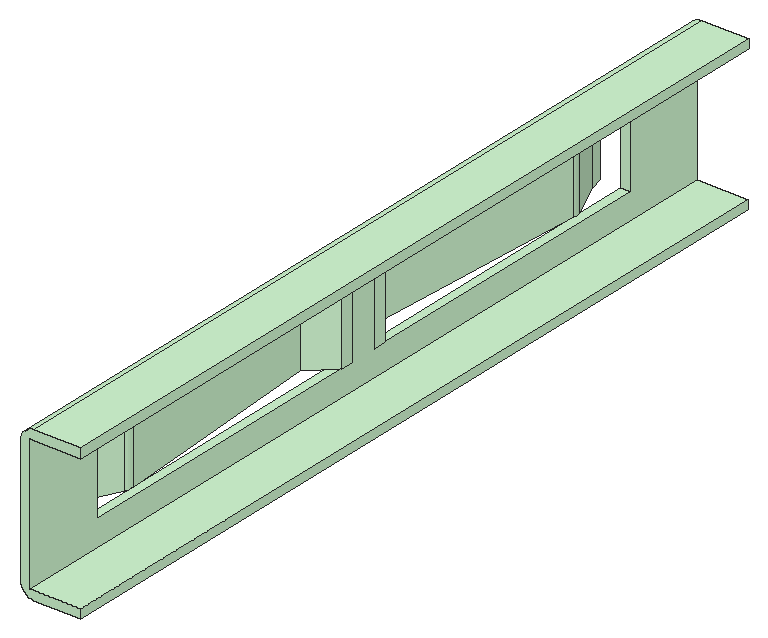
Revit family "channeljoint_c19", category 機械設備, Revit 2022
Family settings
  丸型コネクタ寸法 = 直径を使用
  種別 = なし
  パーツ タイプ = 標準
  作業面ベース = いいえ
  常に垂直 = はい
  ロード時にボイドで切り取り = いいえ
  注釈の向きを維持 = いいえ
  共有 = いいえ
  部屋計算ポイント = いいえ
Parameters
  製造元 = "株式会社桐井製作所"
  既定の高さ = 0 mm
  URL = "https://www.kirii.co.jp/"
  K_品名 = "特殊チャンネルジョイントC-19用"
  K_名称 = "特殊ジョイント"
  K_入数 = "500"
  K_バージョン情報 = "20211012"
Reference planes
  plane 1 "中心(正面/背面)": y = 0
  plane 2: z = 0
  plane 3 "中心(左/右)": x = 0
Forms (mm)
  Extrusion 1, solid
    sketch origin (2.7, 0, 0) x (1, 0, 0) y (0, 0, 1)
      loop
        line (-8.2, -7.25) -> (-8.2, 7.25) -> (-2.7, 7.25) -> (-2.7, 8.25) -> (-7.7, 8.25)
        arc (-7.7, 8.25) -> (-8.761, 7.811) -> (-9.2, 6.75) r 1.5
        line (-9.2, 6.75) -> (-9.2, -6.75)
        arc (-9.2, -6.75) -> (-8.761, -7.811) -> (-7.7, -8.25) r 1.5
        line (-7.7, -8.25) -> (-2.715, -8.25) -> (-2.715, -7.25) -> (-8.2, -7.25)
    from -45 to 45
  Extrusion 2, solid
    sketch origin (-4.171, -10.927, 0) x (1, 0, 0) y (0, 1, 0)
      loop
        line (-1.329, 8.009) -> (-1.329, 9.415) -> (-4.536, 6.246)
        arc (-4.536, 6.246) -> (-4.767, 5.892) -> (-4.831, 5.474) r 1
        line (-4.831, 5.474) -> (-3.329, -19.073) -> (-5.129, -23.073) -> (-5.624, -24.797) -> (-4.662, -25.073) -> (-4.187, -23.418) -> (-2.518, -19.708)
        arc (-2.518, -19.708) -> (-2.375, -19.247) -> (-2.346, -18.766) r 2
        line (-2.346, -18.766) -> (-3.833, 5.535) -> (-1.329, 8.009)
      loop
        line (-3.826, 16.449) -> (-2.347, 40.617)
        arc (-2.347, 40.617) -> (-2.375, 41.099) -> (-2.519, 41.56) r 2
        line (-2.519, 41.56) -> (-4.188, 45.269) -> (-4.663, 46.924) -> (-5.624, 46.649) -> (-5.13, 44.924) -> (-3.33, 40.924) -> (-4.832, 16.378)
        arc (-4.832, 16.378) -> (-4.768, 15.959) -> (-4.537, 15.605) r 1
        line (-4.537, 15.605) -> (-1.329, 12.435) -> (-1.329, 13.841) -> (-3.834, 16.317)
    from -4.5 to 4.4
  Extrusion 3, void
    sketch origin (2.7, 0, 0) x (0, 1, 0) y (0, 0, 1)
      loop
        line (-2.5, 4.4) -> (-36, 4.4) -> (-36, -4.5) -> (-2.5, -4.5) -> (-2.5, 4.4)
    from -9.2 to -8.2
  Extrusion 4, solid
    sketch origin (-1.121, -0.379, 0) x (-0.061086, 0.998133, 0) y (0, 0, 1)
      loop
        arc (-24.184, 1.946) -> (-26.184, -0.054) -> (-24.184, -2.054) r 2
        line (-24.184, -2.054) -> (-6.626, -2.054)
        arc (-6.626, -2.054) -> (-4.626, -0.054) -> (-6.626, 1.946) r 2
        line (-6.626, 1.946) -> (-24.184, 1.946)
      loop
        arc (-24.098, 0.968) -> (-25.098, -0.032) -> (-24.098, -1.032) r 1
        line (-24.098, -1.032) -> (-6.606, -1.032)
        arc (-6.606, -1.032) -> (-5.606, -0.032) -> (-6.606, 0.968) r 1
        line (-6.606, 0.968) -> (-24.098, 0.968)
    from -7.597 to -8.676
  Extrusion 5, solid
    sketch origin (1.821, 31.029, 0) x (0.061011, 0.998137, 0) y (0, 0, 1)
      loop
        arc (-24.184, 1.946) -> (-26.184, -0.054) -> (-24.184, -2.054) r 2
        line (-24.184, -2.054) -> (-6.626, -2.054)
        arc (-6.626, -2.054) -> (-4.626, -0.054) -> (-6.626, 1.946) r 2
        line (-6.626, 1.946) -> (-24.184, 1.946)
      loop
        arc (-24.098, 0.968) -> (-25.098, -0.032) -> (-24.098, -1.032) r 1
        line (-24.098, -1.032) -> (-6.606, -1.032)
        arc (-6.606, -1.032) -> (-5.606, -0.032) -> (-6.606, 0.968) r 1
        line (-6.606, 0.968) -> (-24.098, 0.968)
    from -8.756 to -9.742
  Extrusion 6, void
    sketch origin (2.7, 38.5, 0) x (0, 1, 0) y (0, 0, 1)
      loop
        line (-2.5, 4.4) -> (-36, 4.4) -> (-36, -4.5) -> (-2.5, -4.5) -> (-2.5, 4.4)
    from -9.2 to -8.2
Cuts and joins
  Extrusion 3, Extrusion 6 cuts Extrusion 1
  joined: Extrusion 2, Extrusion 4, Extrusion 5
Dimensions and locks
  aligned and locked: level to plane 2
